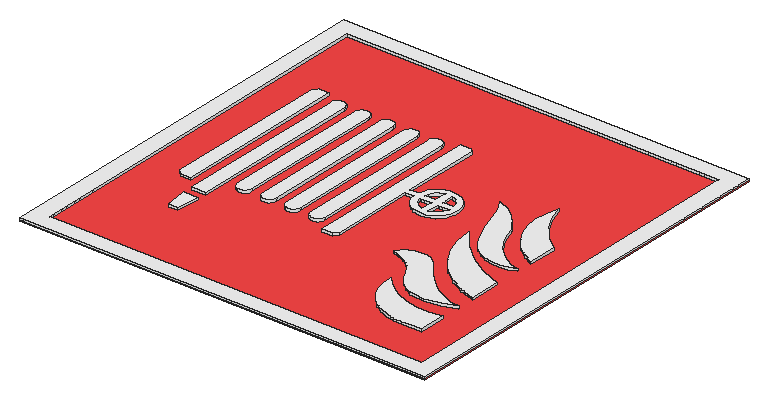
Revit family "GRAS_HW-52N-15-20 HS Z", category Osprzęt hydrauliczny, Revit 2018
Family settings
  Obiekt nadrzędny = Powierzchnia
  Wymiar okrągłego złącza = Użyj średnicy
  Typ części = Normalny
  Tnij formami wycięć po wczytaniu = Nie
  Współdzielony = Nie
  Punkt obliczania pomieszczeń = Nie
Parameters (values of type "HW-52N-15-20 HS-Z, RAL3000")
  URL = "http://www.gras.pl/"
  Top Right Supply Connection = ""
  Top Left Supply Connection = ""
  Side Right Supply Connection = ""
  Side Left Supply Connection = ""
  Producent = "GRAS PPPH"
  Pictogram_height = 90 mm
  Opis = "http://gras.pl/wp-content/uploads/2020/05/hw-52n-15%EF%80%A220-hs-z.pdf"
  Model = "HW-52N-15-20 HS-Z, RAL3000"
  K Factor = 42
  H1 = 120 mm
  Flow = 246.0 L/s
  Door_Right - Door_Left [instance] = no
  Default Elevation = 0 mm
  DN = 50 mm
  D1 = 100 mm
  Cabinet width = 600 mm
  Cabinet material = DC01, RAL3000
  Cabinet height = 750 mm
  Cabinet depth = 200 mm
  Back Right Supply Connection = ""
  Back Left Supply Connection = ""
  0 = 0 mm
Types (2, lengths in mm): name | Model | Cabinet material
  HW-52N-15-20 HS-Z, RAL9010 | "HW-52N-15-20 HS-Z, RAL9010" | DC01, RAL9010
  HW-52N-15-20 HS-Z, RAL3000 | "HW-52N-15-20 HS-Z, RAL3000" | DC01, RAL3000
Reference planes
  plane 1 "Środek (Przód/Tył)": y = 0
  plane 2: z = 0
  plane 3 "Środek (Lewa/Prawa)": x = 0
  plane 4: y = 375
  plane 5: y = -375
  plane 6: x = -300
  plane 7: x = 300
  plane 8: z = 200
  plane 9: z = 130
  plane 10: x = 397.5
  plane 11: z = 0
  plane 12: x = -397.5
  plane 13: z = 130
  plane 14: z = 130
Forms (mm)
  Extrusion 1, solid, not visible
    sketch origin (0, 0, 0) x (1, 0, 0) y (0, 1, 0)
      loop
        line (-1219.2, 1219.2) -> (-1219.2, -1219.2) -> (1219.2, -1219.2) -> (1219.2, 1219.2) -> (-1219.2, 1219.2)
    from 0 to -304.8
Dimensions and locks
  equal spacing: plane 4, plane 1 "Środek (Przód/Tył)", plane 5
  "Cabinet height": plane 4 to plane 5
  equal spacing: plane 6, plane 3 "Środek (Lewa/Prawa)", plane 7
  "Cabinet width": plane 6 to plane 7
  "Cabinet depth": plane 8 to Extrusion 1
  "0": nested 1 to plane 8
  "0": plane 3 "Środek (Lewa/Prawa)" to nested 1
  "0": plane 3 "Środek (Lewa/Prawa)" to nested 2
  "0": plane 1 "Środek (Przód/Tył)" to nested 2
  "Pictogram_height": plane 4 to nested 1
  aligned and locked: plane 2 to Extrusion 1
  aligned and locked: level to Extrusion 1
Automatic sketch dimensions
  Extrusion 1 sketch curve to Extrusion 1 sketch curve = 2438.4 mm  (x2)
Nested families
  nested 1: "pictogram_hydrant" at (0, 210, 200), type "150x150"
  nested 2: "Cabinet_complet" at (0, 0, 0), visible <- "Door_Right - Door_Left", type "Cabinet_complet"
Connectors
  piping at (299, 255, 100), diameter 50, driven by "DN", driven by "Flow"
    settings: on nested 2, index 1, connector inside diameter 609.6 mm, connector length 0 mm, flow factor 0, pipe flow 246.0 L/s, pressure drop 0.0 Pa, fitting loss kfactor 0, connector angle 0.00°, fixture units 0, engagement length 0 mm, angle of deflection 0.00°, flow configuration 0, flow direction 0, fitting loss method 0, system type 7, joint type 0, gender type 0, connector reference index -1, connector utility 0, adjustable connector no, is connector primary yes, connector description ""
  piping at (-300, 255, 100), diameter 50, driven by "DN", driven by "Flow"
    settings: on nested 2, index 3, connector inside diameter 609.6 mm, connector length 0 mm, flow factor 0, pipe flow 246.0 L/s, pressure drop 0.0 Pa, fitting loss kfactor 0, connector angle 0.00°, fixture units 0, engagement length 0 mm, angle of deflection 0.00°, flow configuration 0, flow direction 0, fitting loss method 0, system type 19, joint type 0, gender type 0, connector reference index -1, connector utility 0, adjustable connector no, is connector primary no, connector description ""
Definition of nested family "pictogram_hydrant"
  Parameters (values of type "150x150")
    pictogram_color_white = none
    pictogram_color_red = none
    W = 150 mm
    H = 150 mm
    Default Elevation = 1219.2 mm
  Reference planes
    plane 1 "Środek (Przód/Tył)": y = 0
    plane 2: z = 0
    plane 3 "Środek (Lewa/Prawa)": x = 0
    plane 4: x = -75
    plane 5: x = 75
    plane 6: y = 75
    plane 7: x = -75
    plane 8: x = 75
    plane 9: y = 75
    plane 10: y = -75
  Forms (mm)
    Extrusion 1, solid, material <- "pictogram_color_white", detail levels fine
      sketch origin (0, 0, 0) x (1, 0, 0) y (0, 1, 0)
        loop
          arc (-42.375, 34.5) -> (-45, 37.125) -> (-47.625, 34.5) r 2.625
          line (-47.625, 34.5) -> (-47.625, -29.625) -> (-42.375, -29.625) -> (-42.375, 34.5)
        loop
          arc (-38.625, -19.5) -> (-36, -22.125) -> (-33.375, -19.5) r 2.625
          line (-33.375, -19.5) -> (-33.375, 34.5)
          arc (-33.375, 34.5) -> (-36, 37.125) -> (-38.625, 34.5) r 2.625
          line (-38.625, 34.5) -> (-38.625, -19.5)
        loop
          arc (-29.625, -19.5) -> (-27, -22.125) -> (-24.375, -19.5) r 2.625
          line (-24.375, -19.5) -> (-24.375, 34.5)
          arc (-24.375, 34.5) -> (-27, 37.125) -> (-29.625, 34.5) r 2.625
          line (-29.625, 34.5) -> (-29.625, -19.5)
        loop
          arc (-20.625, -19.5) -> (-18, -22.125) -> (-15.375, -19.5) r 2.625
          line (-15.375, -19.5) -> (-15.375, 34.5)
          arc (-15.375, 34.5) -> (-18, 37.125) -> (-20.625, 34.5) r 2.625
          line (-20.625, 34.5) -> (-20.625, -19.5)
        loop
          arc (-11.625, -19.5) -> (-9, -22.125) -> (-6.375, -19.5) r 2.625
          line (-6.375, -19.5) -> (-6.375, 34.5)
          arc (-6.375, 34.5) -> (-9, 37.125) -> (-11.625, 34.5) r 2.625
          line (-11.625, 34.5) -> (-11.625, -19.5)
        loop
          arc (8.096, 6.375) -> (9.601, 3.593) -> (12.375, 2.075) r 5.587
          line (12.375, 2.075) -> (12.375, 6.375) -> (8.096, 6.375)
        loop
          arc (14.625, 2.05) -> (17.477, 3.549) -> (19.026, 6.375) r 5.587
          line (19.026, 6.375) -> (14.625, 6.375) -> (14.625, 2.05)
        loop
          arc (12.375, 12.994) -> (9.576, 11.45) -> (8.081, 8.625) r 5.587
          line (8.081, 8.625) -> (12.375, 8.625) -> (12.375, 12.994)
        loop
          arc (19.04, 8.625) -> (17.502, 11.494) -> (14.625, 13.019) r 5.587
          line (14.625, 13.019) -> (14.625, 8.625) -> (19.04, 8.625)
        loop
          arc (30.735, -35.586) -> (34.985, -47.78) -> (46.5, -53.625) r 17.285
          line (46.5, -53.625) -> (56.625, -53.625) -> (56.625, -43.857)
          arc (56.625, -43.857) -> (42.542, -43.284) -> (30.735, -35.586) r 26.558
        loop
          arc (43.5, 26.625) -> (44.037, 9.214) -> (56.632, -2.819) r 22.981
          line (56.632, -2.819) -> (56.601, 7.732)
          arc (56.601, 7.732) -> (48.159, 15.867) -> (43.5, 26.625) r 29.857
        loop
          arc (36.375, -1.5) -> (44.77, -9.178) -> (56.121, -8.425) r 14.487
          arc (56.121, -8.425) -> (50.239, -6.221) -> (45.629, -1.954) r 16.287
          arc (45.629, -1.954) -> (42.437, 2.964) -> (40.404, 8.464) r 26.509
          arc (40.404, 8.464) -> (34.776, 15.029) -> (27.375, 19.5) r 27.251
          arc (27.375, 19.5) -> (29.19, 16.657) -> (30.375, 13.5) r 16.152
          arc (30.375, 13.5) -> (32.842, 5.787) -> (36.375, -1.5) r 57.118
        loop
          line (75, -75) -> (75, 75) -> (-75, 75) -> (-75, -75) -> (75, -75)
        loop
          line (69, -69) -> (69, 69) -> (-69, 69) -> (-69, -69) -> (69, -69)
        loop
          line (-55.125, -25.5) -> (-51.375, -25.5) -> (-51.375, 38.625) -> (-55.125, 38.625) -> (-56.625, 37.125) -> (-56.625, -24) -> (-55.125, -25.5)
        loop
          line (-43.234, -41.671) -> (-42.368, -33.375) -> (-47.658, -33.375) -> (-46.721, -41.671) -> (-43.234, -41.671)
        loop
          line (5.748, 8.625) -> (2.625, 8.625) -> (2.625, 37.125) -> (1.125, 38.625) -> (-2.625, 38.625) -> (-2.625, -25.5) -> (1.125, -25.5) -> (2.625, -24) -> (2.625, 6.375) -> (5.748, 6.375)
          arc (5.748, 6.375) -> (21.333, 7.5) -> (5.748, 8.625) r 7.833
        loop
          arc (56.626, -18.699) -> (42.495, -11.687) -> (31.5, -0.375) r 46.748
          arc (31.5, -0.375) -> (38.925, -19.413) -> (56.626, -29.624) r 30.825
          line (56.626, -29.624) -> (56.626, -18.699)
        loop
          arc (30.403, -18.389) -> (25.366, -19.297) -> (21.375, -22.5) r 10.383
          arc (21.375, -22.5) -> (27.7, -25.134) -> (32.166, -30.331) r 14.829
          arc (32.166, -30.331) -> (35.524, -35.29) -> (40.5, -38.625) r 15.649
          arc (40.5, -38.625) -> (48.741, -38.75) -> (56.621, -36.335) r 26.465
          arc (56.621, -36.335) -> (49.534, -34.515) -> (43.5, -30.375) r 21.005
          arc (43.5, -30.375) -> (39.113, -26.466) -> (35.439, -21.881) r 35.088
          arc (35.439, -21.881) -> (33.209, -19.719) -> (30.403, -18.389) r 9.54
      from 0.2 to 1
    Extrusion 2, solid, material <- "pictogram_color_red", detail levels fine
      sketch origin (0, 0, 0) x (1, 0, 0) y (0, 1, 0)
        loop
          line (-75, 75) -> (-75, -75) -> (75, -75) -> (75, 75) -> (-75, 75)
      from 0 to 0.2
  Dimensions and locks
    equal spacing: plane 7, plane 3 "Środek (Lewa/Prawa)", plane 8
    "W": plane 7 to plane 8
    equal spacing: plane 9, plane 1 "Środek (Przód/Tył)", plane 10
    "H": plane 9 to plane 10
    aligned and locked: level to plane 2
    aligned and locked: Extrusion 1 to Extrusion 2  (x2)
    aligned and locked: Extrusion 2 to Extrusion 1  (x3)
    aligned and locked: Extrusion 1 to plane 7
    aligned and locked: plane 8 to Extrusion 1
    aligned and locked: plane 9 to Extrusion 1
    aligned and locked: Extrusion 1 to plane 10
  Automatic sketch dimensions
    Extrusion 1 sketch curve to Extrusion 1 sketch curve = 0 mm  (x22)
    Extrusion 1 sketch curve to plane 4 = 0 mm
    Extrusion 1 sketch curve to plane 5 = 0 mm
    Extrusion 1 sketch curve to plane 6 = 0 mm
    plane 4 to Extrusion 1 sketch curve = 6 mm
    plane 4 to Extrusion 1 sketch curve = 18.375 mm
    Extrusion 1 sketch curve to Extrusion 1 sketch curve = 1.5 mm  (x7)
    Extrusion 1 sketch curve to Extrusion 1 sketch curve = 3.75 mm  (x6)
    Extrusion 1 sketch curve to Extrusion 1 sketch curve = 3.717 mm
    Extrusion 1 sketch curve to Extrusion 1 sketch curve = 0.033 mm
    Extrusion 1 sketch curve to Extrusion 1 sketch curve = 0.938 mm
    Extrusion 1 sketch curve to Extrusion 1 sketch curve = 2.625 mm  (x7)
    Extrusion 1 sketch curve to Extrusion 1 sketch curve = 3.487 mm
    Extrusion 1 sketch curve to Extrusion 1 sketch curve = 0.007 mm
    Extrusion 1 sketch curve to plane 3 "Środek (Lewa/Prawa)" = 2.625 mm
    plane 3 "Środek (Lewa/Prawa)" to Extrusion 1 sketch curve = 1.125 mm  (x2)
    plane 3 "Środek (Lewa/Prawa)" to Extrusion 1 sketch curve = 2.625 mm
    Extrusion 1 sketch curve to Extrusion 1 sketch curve = 3.123 mm
    Extrusion 1 sketch curve to Extrusion 1 sketch curve = 2.333 mm
    Extrusion 1 sketch curve to Extrusion 1 sketch curve = 0.014 mm  (x2)
    Extrusion 1 sketch curve to Extrusion 1 sketch curve = 4.294 mm
    Extrusion 1 sketch curve to Extrusion 1 sketch curve = 1.125 mm  (x2)
    Extrusion 1 sketch curve to Extrusion 1 sketch curve = 0.061 mm
    Extrusion 1 sketch curve to Extrusion 1 sketch curve = 1.064 mm  (x2)
    Extrusion 1 sketch curve to Extrusion 1 sketch curve = 0.118 mm
    Extrusion 1 sketch curve to Extrusion 1 sketch curve = 2.539 mm
    plane 3 "Środek (Lewa/Prawa)" to Extrusion 1 sketch curve = 18.99 mm
    Extrusion 1 sketch curve to Extrusion 1 sketch curve = 4.401 mm
    Extrusion 1 sketch curve to Extrusion 1 sketch curve = 8.783 mm
    Extrusion 1 sketch curve to Extrusion 1 sketch curve = 1.895 mm
    plane 1 "Środek (Przód/Tył)" to Extrusion 1 sketch curve = 12.549 mm
    Extrusion 1 sketch curve to Extrusion 1 sketch curve = 15.349 mm
    Extrusion 1 sketch curve to plane 5 = 28.5 mm
    Extrusion 1 sketch curve to Extrusion 1 sketch curve = 1.545 mm
    Extrusion 1 sketch curve to Extrusion 1 sketch curve = 1.437 mm
    Extrusion 1 sketch curve to plane 1 "Środek (Przód/Tył)" = 4.493 mm
    Extrusion 1 sketch curve to Extrusion 1 sketch curve = 4.546 mm
    Extrusion 1 sketch curve to Extrusion 1 sketch curve = 4.061 mm
    Extrusion 1 sketch curve to Extrusion 1 sketch curve = 7.037 mm
    Extrusion 1 sketch curve to Extrusion 1 sketch curve = 10.125 mm
    Extrusion 1 sketch curve to Extrusion 1 sketch curve = 8.626 mm
    plane 1 "Środek (Przód/Tył)" to Extrusion 1 sketch curve = 2.819 mm
    Extrusion 1 sketch curve to Extrusion 1 sketch curve = 7.068 mm
    Extrusion 1 sketch curve to Extrusion 1 sketch curve = 1.594 mm
    Extrusion 1 sketch curve to Extrusion 1 sketch curve = 2.188 mm
    Extrusion 1 sketch curve to plane 1 "Środek (Przód/Tył)" = 0.672 mm
    Extrusion 1 sketch curve to Extrusion 1 sketch curve = 5.675 mm
    plane 1 "Środek (Przód/Tył)" to Extrusion 1 sketch curve = 2.314 mm
    Extrusion 1 sketch curve to Extrusion 1 sketch curve = 2.258 mm
    Extrusion 1 sketch curve to plane 5 = 9.975 mm
    Extrusion 1 sketch curve to Extrusion 1 sketch curve = 1.108 mm
    Extrusion 1 sketch curve to plane 5 = 6 mm
    Extrusion 1 sketch curve to plane 5 = 4.96 mm
    Extrusion 1 sketch curve to plane 5 = 2.306 mm
    plane 5 to Extrusion 1 sketch curve = 10.875 mm
    Extrusion 1 sketch curve to Extrusion 1 sketch curve = 12.572 mm
    Extrusion 1 sketch curve to Extrusion 1 sketch curve = 5.437 mm
    Extrusion 1 sketch curve to Extrusion 1 sketch curve = 3.308 mm
    plane 1 "Środek (Przód/Tył)" to Extrusion 1 sketch curve = 19.5 mm
    Extrusion 1 sketch curve to Extrusion 1 sketch curve = 4.5 mm  (x2)
    Extrusion 1 sketch curve to Extrusion 1 sketch curve = 6.213 mm
    Extrusion 1 sketch curve to Extrusion 1 sketch curve = 3.361 mm
    Extrusion 1 sketch curve to Extrusion 1 sketch curve = 1.186 mm
    Extrusion 1 sketch curve to Extrusion 1 sketch curve = 10.925 mm
    Extrusion 1 sketch curve to Extrusion 1 sketch curve = 4.125 mm
    Extrusion 1 sketch curve to Extrusion 1 sketch curve = 6.781 mm
    Extrusion 1 sketch curve to Extrusion 1 sketch curve = 9.577 mm
    Extrusion 1 sketch curve to Extrusion 1 sketch curve = 8.296 mm
    Extrusion 1 sketch curve to Extrusion 1 sketch curve = 7.452 mm
    Extrusion 1 sketch curve to Extrusion 1 sketch curve = 9.768 mm
    Extrusion 1 sketch curve to Extrusion 1 sketch curve = 27.329 mm
    Extrusion 1 sketch curve to Extrusion 1 sketch curve = 6 mm
    plane 1 "Środek (Przód/Tył)" to Extrusion 1 sketch curve = 5.765 mm
    Extrusion 1 sketch curve to plane 1 "Środek (Przód/Tył)" = 2.05 mm
    Extrusion 1 sketch curve to plane 1 "Środek (Przód/Tył)" = 2.075 mm
    Extrusion 1 sketch curve to Extrusion 1 sketch curve = 4.325 mm
    Extrusion 1 sketch curve to Extrusion 1 sketch curve = 0.034 mm
    Extrusion 1 sketch curve to plane 1 "Środek (Przód/Tył)" = 7.642 mm
    Extrusion 1 sketch curve to Extrusion 1 sketch curve = 0.09 mm
    Extrusion 1 sketch curve to Extrusion 1 sketch curve = 2.25 mm
    Extrusion 1 sketch curve to Extrusion 1 sketch curve = 0.809 mm
    Extrusion 1 sketch curve to Extrusion 1 sketch curve = 7.206 mm
    Extrusion 1 sketch curve to Extrusion 1 sketch curve = 3.727 mm
    Extrusion 1 sketch curve to Extrusion 1 sketch curve = 7.508 mm
    Extrusion 1 sketch curve to Extrusion 1 sketch curve = 0.917 mm
    Extrusion 1 sketch curve to Extrusion 1 sketch curve = 6.797 mm
    Extrusion 1 sketch curve to plane 1 "Środek (Przód/Tył)" = 34.5 mm
    Extrusion 1 sketch curve to plane 6 = 6 mm
    Extrusion 1 sketch curve to Extrusion 1 sketch curve = 6.399 mm
    Extrusion 1 sketch curve to Extrusion 1 sketch curve = 8.335 mm
    Extrusion 1 sketch curve to Extrusion 1 sketch curve = 3 mm
    Extrusion 1 sketch curve to Extrusion 1 sketch curve = 2.63 mm
    Extrusion 1 sketch curve to Extrusion 1 sketch curve = 2.497 mm
    Extrusion 1 sketch curve to Extrusion 1 sketch curve = 5.036 mm
    plane 1 "Środek (Przód/Tył)" to Extrusion 1 sketch curve = 1.5 mm
    Extrusion 1 sketch curve to Extrusion 1 sketch curve = 4.875 mm
    Extrusion 1 sketch curve to plane 1 "Środek (Przód/Tył)" = 8.464 mm
    Extrusion 1 sketch curve to Extrusion 1 sketch curve = 7.5 mm
    Extrusion 1 sketch curve to Extrusion 1 sketch curve = 3.063 mm
    plane 1 "Środek (Przód/Tył)" to Extrusion 1 sketch curve = 1.954 mm
    Extrusion 1 sketch curve to Extrusion 1 sketch curve = 0.005 mm
    Extrusion 2 sketch curve to plane 4 = 0 mm
    Extrusion 2 sketch curve to plane 5 = 0 mm
    Extrusion 2 sketch curve to plane 6 = 0 mm
    plane 1 "Środek (Przód/Tył)" to Extrusion 2 sketch curve = 75 mm
Definition of nested family "Cabinet_complet"
  Parameters (values of type "Cabinet_complet")
    W1 = 120 mm
    Visible_Right = not(Left_Right)  # yes
    Thickness = 1 mm
    Rubber = 8 mm
    Roof = 40 mm
    Material_hinge_lock = none
    Material = none
    Left_Right = no
    Hinge_H2 = Height - Roof - Frame - 100 mm  # 588 mm
    Hinge_H1 = 100 mm
    Half_Height = Height / 2  # 375 mm
    Height = 750 mm
    Width = 600 mm
    H1 = 120 mm
    Gap = 4 mm
    Frame = 22 mm
    Flow = 246.0 L/s
    Door_Width = Width  # 600 mm
    Door_Rubber = Depth - Door_Depth  # 178 mm
    Door_Height = Height - Gap - Roof - Frame  # 684 mm
    Door_Half_Height = Door_Height / 2  # 342 mm
    Door_Depth = 22 mm
    Depth = 200 mm
    DN_Hole = DN + 20 mm  # 70 mm
    DN = 50 mm
    D1 = 100 mm
    0 = 0 mm
  Reference planes
    plane 1 "Środek (Przód/Tył)": y = 0
    plane 2: z = 0
    plane 3 "Środek (Lewa/Prawa)": x = 0
    plane 4: z = 200
    plane 5: y = 750
    plane 6: y = -375
    plane 7: x = 300
    plane 8: x = -300
    plane 9: y = -33
  Dimensions and locks
    "0": plane 3 "Środek (Lewa/Prawa)" to nested 1
    "0": plane 1 "Środek (Przód/Tył)" to nested 1
    "Height": plane 5 to plane 1 "Środek (Przód/Tył)"
    "0": plane 3 "Środek (Lewa/Prawa)" to nested 2
    "Door_Rubber": nested 2 to plane 2
    "Half_Height": plane 1 "Środek (Przód/Tył)" to plane 6
    "0": nested 2 to plane 6
    equal spacing: plane 7, plane 3 "Środek (Lewa/Prawa)", plane 8
    "Width": plane 7 to plane 8
    "Depth": plane 4 to level
    "0": nested 3 to plane 8
    "0": nested 4 to plane 8
    "Hinge_H1": plane 6 to nested 4
    "Hinge_H2": nested 3 to plane 6
    "Gap": nested 3 to plane 4
    "Gap": plane 4 to nested 4
    "0": nested 6 to plane 8
    "0": plane 7 to nested 5
    "Door_Half_Height": plane 9 to plane 6
    "0": plane 9 to nested 5
    "0": nested 6 to plane 9
    "Gap": nested 6 to plane 4
    "Gap": plane 4 to nested 5
    "0": plane 3 "Środek (Lewa/Prawa)" to nested 7
    "0": nested 7 to plane 1 "Środek (Przód/Tył)"
    "0": plane 7 to nested 8
    "0": plane 7 to nested 9
    "Hinge_H1": plane 6 to nested 9
    "Hinge_H2": plane 6 to nested 8
    "Gap": plane 4 to nested 9
    "Gap": plane 4 to nested 8
    aligned and locked: level to plane 2
  Nested families
    nested 1: "HS-Z v2" at (0, 0, 0), visible <- "Visible_Right", type "HS-Z v2"
    nested 2: "door" at (0, -33, 178), type "door"
      with Height 684 mm, Width 600 mm
    nested 3: "zawias" at (-305, 238, 166) x (-1, 0, 0) z (0, 0, 1), visible <- "Left_Right", type "zawias"
      with Visible no
    nested 4: "zawias" at (-305, -250, 166) x (-1, 0, 0) z (0, 0, 1), visible <- "Left_Right", type "zawias"
      with Visible no
    nested 5: "zamek" at (300, -33, 161), visible <- "Left_Right", type "zamek"
    nested 6: "zamek" at (-300, -33, 161) x (-1, 0, 0) z (0, 0, 1), visible <- "Visible_Right", type "zamek"
    nested 7: "HS-Z v2" at (0, 0, 0) x (-1, 0, 0) z (0, 0, 1), visible <- "Left_Right", type "HS-Z v2"
    nested 8: "zawias" at (305, 238, 166), visible <- "Visible_Right", type "zawias"
      with Visible no
    nested 9: "zawias" at (305, -250, 166), visible <- "Visible_Right", type "zawias"
      with Visible no
  Definition of nested family "HS-Z v2"
    Parameters (values of type "HS-Z v2")
      Width = 600 mm
      W1 = 120 mm
      D1 = 100 mm
      Thickness = 1 mm
      Srednica = 70 mm
      Rubber = 8 mm
      Roof_out = 10 mm
      Roof_Height = 40 mm
      Materiał = none
      Height = 750 mm
      H1 = 120 mm
      Frame = 22 mm
      Door_Depth_rubber = Door_Depth + Rubber  # 30 mm
      Door_Depth = 22 mm
      Depth = 200 mm
      DN = 70 mm
      Cabinet_depth = Depth - Door_Depth_rubber  # 170 mm
      0 = 0 mm
    Reference planes
      plane 1 "Środek (Przód/Tył)": y = 0
      plane 2: z = 0
      plane 3 "Środek (Lewa/Prawa)": x = 0
      plane 4: x = -300
      plane 5: x = 300
      plane 6: y = 375
      plane 7: y = -375
      plane 8: z = 200
      plane 9: z = 170
      plane 10: y = 335
      plane 11: y = 313
      plane 12: z = 210
      plane 13: y = 291
      plane 14: z = 209
      plane 15: z = 1
      plane 16: y = -374
      plane 17: z = 169
      plane 18: y = 374
      plane 19: y = 314
      plane 20: y = 334
      plane 21: x = 299
      plane 22: x = -299
      plane 23: x = -278
      plane 24: x = 278
      plane 25: y = -353
      plane 26: y = 255
      plane 27: z = 100
      plane 28: x = 180
    Forms (mm)
      Extrusion 1, solid, material <- "Materiał"
        sketch origin (0, 0, 0) x (0, 1, 0) y (0, 0, 1)
          loop
            line (375, 0) -> (335, 210) -> (313, 210) -> (319.154, 170) -> (-375, 170) -> (-375, 0) -> (375, 0)
        from -300 to 300
      Extrusion 2, void
        sketch origin (0, 0, 0) x (0, 1, 0) y (0, 0, 1)
          loop
            line (374, 1) -> (334, 209) -> (314, 209) -> (320.202, 169) -> (-374, 169) -> (-374, 1) -> (374, 1)
        from -299 to 299
      Extrusion 3, void
        sketch origin (0, 0, 0) x (1, 0, 0) y (0, 1, 0)
          loop
            line (-278, 291) -> (-278, -353) -> (278, -353) -> (278, 291) -> (-278, 291)
        from 1 to 210
      Extrusion 4, void
        sketch origin (300, 0, 0) x (0, -1, 0) y (0, 0, 1)
          loop
            circle (-255, 100) r 35
        from 0 to 1
    Cuts and joins
      Extrusion 2, Extrusion 3, Extrusion 4 cuts Extrusion 1
    Dimensions and locks
      equal spacing: plane 4, plane 3 "Środek (Lewa/Prawa)", plane 5
      "Width": plane 4 to plane 5
      equal spacing: plane 6, plane 1 "Środek (Przód/Tył)", plane 7
      "Height": plane 6 to plane 7
      "Roof_Height": plane 6 to plane 10
      "Frame": plane 10 to plane 11
      "Cabinet_depth": plane 9 to plane 2
      "Depth": plane 8 to plane 2
      "Roof_out": plane 12 to plane 8
      "Frame": plane 11 to plane 13
      "Thickness": plane 12 to plane 14
      "Thickness": plane 15 to plane 2
      "Thickness": plane 16 to plane 7
      "Thickness": plane 9 to plane 17
      "Thickness": plane 6 to plane 18
      "Thickness": plane 19 to plane 11
      "Thickness": plane 10 to plane 20
      "Thickness": plane 4 to plane 22
      "Thickness": plane 21 to plane 5
      "Frame": plane 25 to plane 7
      "Frame": plane 4 to plane 23
      "Frame": plane 24 to plane 5
      "0": cut or joined group of Extrusion 1, Extrusion 2, Extrusion 3, Extrusion 4 to plane 5
      "0": plane 4 to cut or joined group of Extrusion 1, Extrusion 2, Extrusion 3, Extrusion 4
      "0": plane 22 to cut or joined group of Extrusion 1, Extrusion 2, Extrusion 3, Extrusion 4
      "0": cut or joined group of Extrusion 1, Extrusion 2, Extrusion 3, Extrusion 4 to plane 21
      "0": plane 12 to cut or joined group of Extrusion 1, Extrusion 2, Extrusion 3, Extrusion 4
      "D1": plane 27 to level
      "H1": plane 6 to plane 26
      "W1": plane 28 to plane 5
      "0": cut or joined group of Extrusion 1, Extrusion 2, Extrusion 3, Extrusion 4 to cut or joined group of Extrusion 1, Extrusion 2, Extrusion 3, Extrusion 4
      "0": plane 21 to cut or joined group of Extrusion 1, Extrusion 2, Extrusion 3, Extrusion 4
      "0": Extrusion 4 sketch curve to plane 26
      "0": Extrusion 4 sketch curve to plane 27
      "DN": diameter of Extrusion 4 sketch curve
      aligned and locked: level to plane 2
    Automatic sketch dimensions
      Extrusion 1 sketch curve to plane 7 = 0 mm
      Extrusion 1 sketch curve to plane 11 = 0 mm
      Extrusion 1 sketch curve to plane 9 = 0 mm
      Extrusion 1 sketch curve to plane 10 = 0 mm
      Extrusion 1 sketch curve to level = 0 mm
      Extrusion 1 sketch curve to plane 6 = 0 mm
      Extrusion 1 sketch curve to plane 12 = 0 mm
      Extrusion 1 sketch curve to plane 11 = 6.154 mm
      Extrusion 2 sketch curve to plane 16 = 0 mm
      Extrusion 2 sketch curve to plane 15 = 0 mm
      Extrusion 2 sketch curve to plane 14 = 0 mm
      Extrusion 2 sketch curve to plane 19 = 0 mm
      Extrusion 2 sketch curve to plane 17 = 0 mm
      Extrusion 2 sketch curve to plane 20 = 0 mm
      Extrusion 2 sketch curve to plane 18 = 0 mm
      Extrusion 2 sketch curve to plane 19 = 6.202 mm
      Extrusion 3 sketch curve to plane 23 = 0 mm
      plane 13 to Extrusion 3 sketch curve = 0 mm
      Extrusion 3 sketch curve to plane 24 = 0 mm
      Extrusion 3 sketch curve to plane 25 = 0 mm
  Definition of nested family "door"
    Parameters (values of type "door")
      Material = none
      Height = 829 mm
      Width = 795 mm
      Depth = 22 mm
      0 = 0 mm
    Reference planes
      plane 1 "Środek (Przód/Tył)": y = 0
      plane 2: z = 0
      plane 3 "Środek (Lewa/Prawa)": x = 0
      plane 4: x = -397.5
      plane 5: x = 397.5
      plane 6: y = 414.5
      plane 7: y = -414.5
      plane 8: z = 22
    Forms (mm)
      Extrusion 1, solid, material <- "Material"
        sketch origin (0, 0, 0) x (1, 0, 0) y (0, 1, 0)
          loop
            line (-397.5, 414.5) -> (-397.5, -414.5) -> (397.5, -414.5) -> (397.5, 414.5) -> (-397.5, 414.5)
        from 0 to 22
    Dimensions and locks
      equal spacing: plane 6, plane 1 "Środek (Przód/Tył)", plane 7
      equal spacing: plane 4, plane 3 "Środek (Lewa/Prawa)", plane 5
      "Width": plane 4 to plane 5
      "Height": plane 6 to plane 7
      "Depth": plane 8 to plane 2
      "0": plane 8 to Extrusion 1
      aligned and locked: level to plane 2
    Automatic sketch dimensions
      Extrusion 1 sketch curve to plane 4 = 0 mm
      Extrusion 1 sketch curve to plane 5 = 0 mm
      Extrusion 1 sketch curve to plane 7 = 0 mm
      Extrusion 1 sketch curve to plane 6 = 0 mm
  Definition of nested family "zawias"
    Parameters (values of type "zawias")
      width_height = 50 mm
      faza = 3 mm
      Visible = yes
      Materiał = none
      Depth = 10 mm
    Reference planes
      plane 1 "Środek (Przód/Tył)": y = 0
      plane 2: z = 0
      plane 3 "Środek (Lewa/Prawa)": x = 0
      plane 4: x = -25
      plane 5: y = 25
      plane 6: x = 25
      plane 7: y = -25
      plane 8: z = 10
      plane 9: z = 7
      plane 10: x = -3
      plane 11: x = 3
      plane 12: x = 22
      plane 13: x = -22
    Forms (mm)
      Extrusion 1, solid, material <- "Materiał"
        sketch origin (-5, 0, 5) x (0, 0, -1) y (1, 0, 0)
          loop
            line (-25, 0) -> (25, 0) -> (25, 7) -> (22, 10) -> (3, 10) -> (0, 7) -> (-3, 10) -> (-22, 10) -> (-25, 7) -> (-25, 0)
        from -25 to 25
    Dimensions and locks
      equal spacing: plane 4, plane 3 "Środek (Lewa/Prawa)", plane 6
      "width_height": plane 4 to plane 6
      equal spacing: plane 5, plane 1 "Środek (Przód/Tył)", plane 7
      "width_height": plane 5 to plane 7
      "Depth": plane 8 to plane 2
      "faza": plane 8 to plane 9
      "faza": plane 13 to plane 4
      "faza": plane 3 "Środek (Lewa/Prawa)" to plane 10
      "faza": plane 11 to plane 3 "Środek (Lewa/Prawa)"
      "faza": plane 6 to plane 12
      aligned and locked: level to plane 2
    Automatic sketch dimensions
      Extrusion 1 sketch curve to plane 10 = 2 mm
      plane 8 to Extrusion 1 sketch curve = 20 mm
      plane 11 to Extrusion 1 sketch curve = 2 mm  (x2)
      Extrusion 1 sketch curve to Extrusion 1 sketch curve = 3 mm  (x2)
      plane 9 to Extrusion 1 sketch curve = 1 mm
      Extrusion 1 sketch curve to plane 9 = 2 mm
      level to Extrusion 1 sketch curve = 2 mm
      Extrusion 1 sketch curve to level = 17 mm
      Extrusion 1 sketch curve to plane 11 = 1 mm  (x2)
  Definition of nested family "zamek"
    Parameters (values of type "zamek")
      height = 20 mm
      depth = 10 mm
      border = 3 mm
      Width = 35 mm
      Material = none
    Reference planes
      plane 1 "Środek (Przód/Tył)": y = 0
      plane 2: z = 0
      plane 3 "Środek (Lewa/Prawa)": x = 0
      plane 4: y = 10
      plane 5: y = -10
      plane 6: y = -7
      plane 7: y = 7
      plane 8: x = 10
      plane 9: x = 3
      plane 10: y = 4
      plane 11: y = -4
      plane 12: z = 35
    Forms (mm)
      Extrusion 1, solid, material <- "Material"
        sketch origin (0, 0, 0) x (1, 0, 0) y (0, 1, 0)
          loop
            line (0, 10) -> (0, -10) -> (10, -10) -> (10, -7) -> (3, -7) -> (3, -4) -> (10, -4) -> (10, 4) -> (3, 4) -> (3, 7) -> (10, 7) -> (10, 10) -> (0, 10)
        from 0 to 35
    Dimensions and locks
      equal spacing: plane 4, plane 1 "Środek (Przód/Tył)", plane 5
      "height": plane 4 to plane 5
      "border": plane 6 to plane 5
      "border": plane 7 to plane 4
      "border": plane 3 "Środek (Lewa/Prawa)" to plane 9
      "depth": plane 3 "Środek (Lewa/Prawa)" to plane 8
      "border": plane 10 to plane 7
      "border": plane 11 to plane 6
      "Width": plane 12 to plane 2
      aligned and locked: level to plane 2
    Automatic sketch dimensions
      Extrusion 1 sketch curve to plane 3 "Środek (Lewa/Prawa)" = 0 mm
      Extrusion 1 sketch curve to plane 9 = 0 mm  (x2)
      plane 7 to Extrusion 1 sketch curve = 0 mm
      Extrusion 1 sketch curve to plane 8 = 0 mm  (x3)
      Extrusion 1 sketch curve to plane 6 = 0 mm
      Extrusion 1 sketch curve to plane 5 = 0 mm
      Extrusion 1 sketch curve to plane 11 = 0 mm
      plane 10 to Extrusion 1 sketch curve = 0 mm
      Extrusion 1 sketch curve to plane 4 = 0 mm
